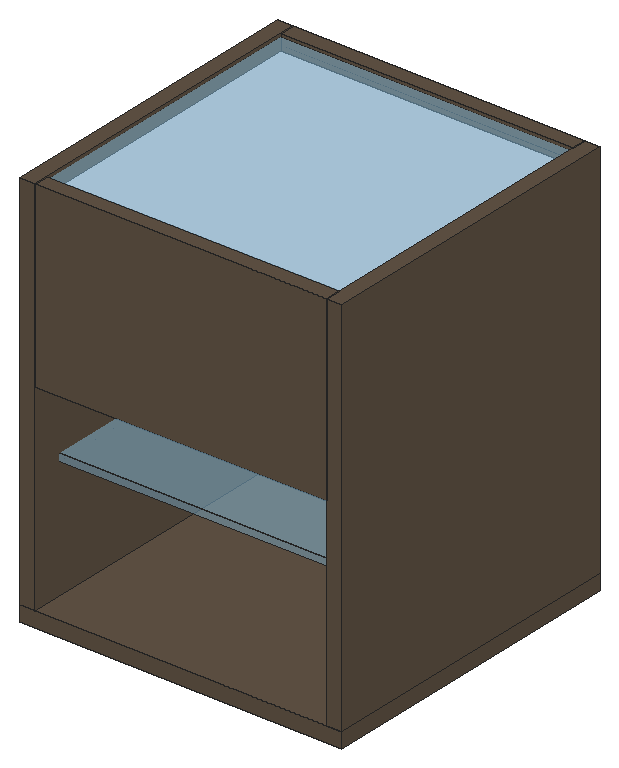
Revit family
Reference planes (in)
  plane 1 "Center Front/Back": y = 0
  plane 2: z = 0
  plane 3 "Center Left/Right": x = 0
  plane 4: x = 8
  plane 5: x = -8
  plane 6: y = 8
  plane 7: y = -8
  plane 8 "Level 1": z = 0.75
  plane 9 "Level 2": z = 6.75
  plane 10 "Level 3": z = 10.75
  plane 11 "Level 4": z = 18.25
  plane 12 "Level 5": z = 19.25
Forms (in)
  Extrusion 1, solid, material "Wood Panel"
    sketch origin (0, 0, 0) x (1, 0, 0) y (0, 1, 0)
      loop
        line (-8, 8) -> (-8, -8) -> (8, -8) -> (8, 8) -> (-8, 8)
    from 0 to 0.75
  Extrusion 2, solid, material "Wood Panel"
    sketch origin (0, 0, 0.75) x (0, 1, 0) y (-1, 0, 0)
      loop
        line (-8, -8) -> (8, -8) -> (8, -7.25) -> (-8, -7.25) -> (-8, -8)
    from 0 to 19
  Extrusion 3, solid, material "Wood Panel"
    sketch origin (0, 0, 0.75) x (0, 1, 0) y (-1, 0, 0)
      loop
        line (-8, 8) -> (-8, 7.25) -> (8, 7.25) -> (8, 8) -> (-8, 8)
    from 0 to 19
  Extrusion 4, solid, material "Glass Panel"
    sketch origin (0, 0, 6.75) x (0, 1, 0) y (-1, 0, 0)
      loop
        line (7.25, 7.25) -> (-6.5, 7.25) -> (-6.5, -7.25) -> (7.25, -7.25) -> (7.25, 7.25)
    from 0 to 0.375
  Extrusion 5, solid, material "Wood Panel"
    sketch origin (0, 0, 10.75) x (0, 1, 0) y (-1, 0, 0)
      loop
        line (-8, 7.25) -> (-8, -7.25) -> (-7.25, -7.25) -> (-7.25, 7.25) -> (-8, 7.25)
    from 0 to 9
  Extrusion 6, solid, material "Wood Panel"
    sketch origin (0, 0, 0.75) x (0, 1, 0) y (-1, 0, 0)
      loop
        line (8, 7.25) -> (7.25, 7.25) -> (7.25, -7.25) -> (8, -7.25) -> (8, 7.25)
    from 0 to 19
  Extrusion 7, solid
    sketch origin (0, 0, 10.75) x (0, 1, 0) y (-1, 0, 0)
      loop
        line (7.25, 7.25) -> (-7.25, 7.25) -> (-7.25, -7.25) -> (7.25, -7.25) -> (7.25, 7.25)
    from 0 to 0.75
  Extrusion 8, solid
    sketch origin (0, 0, 18.25) x (0, 1, 0) y (-1, 0, 0)
      loop
        line (7.25, 7.25) -> (-7.25, 7.25) -> (-7.25, -7.25) -> (7.25, -7.25) -> (7.25, 7.25)
    from 0 to 0.75
  Extrusion 9, solid, material "Glass Panel"
    sketch origin (0, 0, 19.25) x (0, 1, 0) y (-1, 0, 0)
      loop
        line (7.25, 7.25) -> (-7.25, 7.25) -> (-7.25, -7.25) -> (7.25, -7.25) -> (7.25, 7.25)
    from 0 to 0.375
Lines and regions (in)
  model lines
    curve 1: line (8, 8, 0) -> (7.25, 8, 0)
    curve 2: line (7.25, 8, 0) -> (7.25, -8, 0)
    curve 3: line (7.25, -8, 0) -> (8, -8, 0)
    curve 4: line (8, -8, 0) -> (8, 8, 0)
    curve 5: line (-8, 8, 0) -> (-7.25, 8, 0)
    curve 6: line (-7.25, 8, 0) -> (-7.25, -8, 0)
    curve 7: line (-7.25, -8, 0) -> (-8, -8, 0)
    curve 8: line (-8, -8, 0) -> (-8, 8, 0)
    curve 9: line (-7.25, 8, 0) -> (7.25, 8, 0)
    curve 10: line (7.25, 7.25, 0) -> (-7.25, 7.25, 0)
